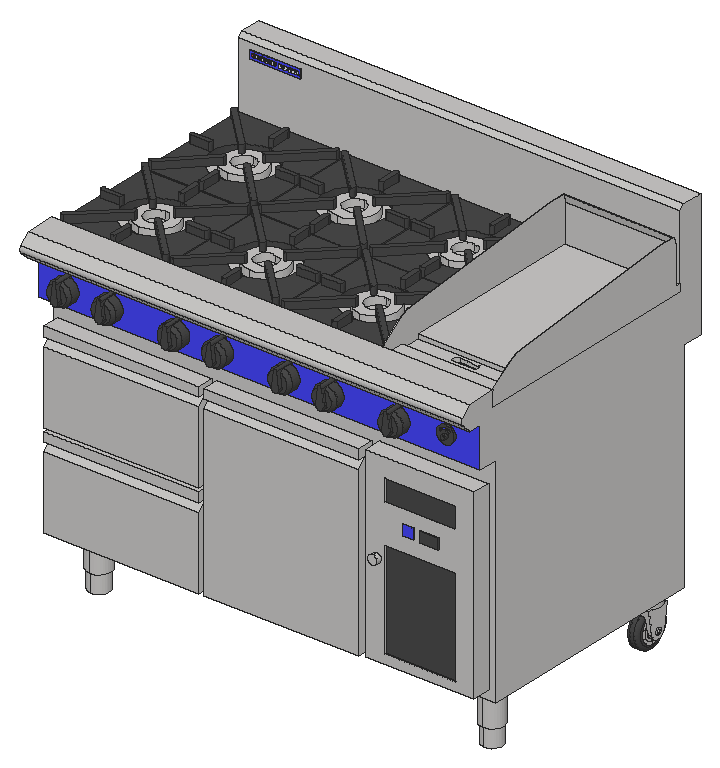
Revit family "QF_MOFFAT_BLUESEAL_AU_G518C-RB", category Specialty Equipment, Revit 2012 (continued)
Definition of nested family "GAS BURNER 900 & GRIDDLE 300"
  Definition of nested family "GAS BURNER 900"
    Automatic sketch dimensions
      curve 221 to curve 282 = 18.152 mm
      curve 294 to curve 276 = 20.563 mm
      curve 285 to curve 223 = 19.967 mm
      curve 278 to curve 292 = 18.13 mm
      curve 282 to curve 298 = 9.204 mm
      curve 276 to curve 293 = 9.138 mm
      curve 223 to curve 298 = 8.97 mm
      curve 292 to curve 293 = 8.937 mm
      curve 286 to curve 241 = 47.322 mm
      curve 288 to curve 265 = 45.809 mm
      plane 4 "RIGHT" to curve 267 = 14.153 mm
      plane 8 "Center X" to curve 235 = 3.602 mm
      plane 4 "RIGHT" to curve 235 = 14.153 mm
      plane 4 "RIGHT" to curve 245 = 14.153 mm
      curve 259 to plane 8 "Center X" = 8.602 mm
      curve 259 to curve 235 = 0.0 mm
      curve 268 to curve 267 = 4.525 mm
      curve 246 to curve 246 = 4.525 mm
      curve 235 to curve 238 = 4.525 mm
      curve 258 to curve 259 = 4.525 mm
      plane 4 "RIGHT" to curve 242 = 7.898 mm
      plane 4 "RIGHT" to curve 264 = 7.898 mm
      plane 4 "RIGHT" to curve 233 = 3.0 mm
      plane 4 "RIGHT" to curve 228 = 3.0 mm
      plane 4 "RIGHT" to curve 231 = 3.0 mm
      curve 230 to plane 8 "Center X" = 1.0 mm
      curve 230 to curve 231 = 0.0 mm
      plane 4 "RIGHT" to curve 229 = 0.0 mm
      plane 4 "RIGHT" to curve 231 = 0.0 mm
      curve 233 to curve 267 = 19.602 mm
      curve 76 to curve 133 = 19.602 mm
      curve 178 to plane 5 "FRONT" = 25.398 mm
      curve 131 to curve 138 = 9.316 mm
      curve 177 to curve 180 = 9.316 mm
      curve 271 to curve 295 = 9.316 mm
      curve 295 to curve 291 = 8.967 mm
      curve 294 to curve 289 = 4.003 mm
      curve 207 to curve 202 = 4.003 mm
      curve 277 to curve 274 = 6.575 mm
      curve 290 to curve 274 = 6.958 mm
      curve 139 to curve 142 = 27.0 mm
      curve 181 to curve 184 = 27.0 mm
      curve 277 to curve 280 = 27.0 mm
      curve 206 to curve 122 = 47.462 mm
      curve 204 to curve 146 = 47.453 mm
      curve 198 to curve 172 = 27.481 mm
      curve 293 to curve 263 = 47.462 mm
      curve 194 to curve 162 = 47.462 mm
      curve 291 to curve 281 = 47.453 mm
      curve 171 to curve 174 = 6.4 mm
      curve 263 to curve 263 = 6.4 mm
      curve 160 to curve 160 = 6.4 mm
      curve 146 to curve 146 = 6.4 mm
      curve 123 to curve 124 = 6.4 mm
      curve 281 to curve 281 = 6.4 mm
      curve 257 to curve 290 = 10.114 mm
      curve 275 to curve 256 = 6.316 mm
      curve 179 to curve 151 = 6.316 mm
      curve 137 to curve 111 = 6.316 mm
      curve 254 to plane 8 "Center X" = 11.398 mm
      curve 154 to plane 8 "Center X" = 11.398 mm
      curve 110 to plane 8 "Center X" = 11.398 mm
      curve 81 to curve 59 = 6.0 mm
      curve 231 to curve 230 = 6.0 mm
      curve 78 to curve 80 = 0.0 mm
      curve 68 to curve 90 = 1.602 mm
      plane 8 "Center X" to curve 108 = 6.398 mm
      plane 8 "Center X" to curve 53 = 6.398 mm
      plane 8 "Center X" to curve 249 = 6.398 mm
      curve 252 to curve 249 = 49.204 mm
      curve 51 to curve 214 = 9.316 mm
      curve 108 to curve 107 = 49.204 mm
      curve 250 to curve 223 = 9.316 mm
      curve 106 to curve 216 = 9.316 mm
      curve 223 to curve 285 = 29.082 mm
      curve 220 to curve 234 = 8.722 mm
      curve 284 to curve 234 = 8.754 mm
      curve 35 to curve 103 = 27.0 mm
      curve 29 to curve 34 = 27.0 mm
      curve 220 to curve 247 = 27.0 mm
      curve 187 to curve 6 = 29.278 mm
      curve 284 to curve 219 = 29.278 mm
      curve 24 to curve 219 = 0.0 mm
      curve 298 to curve 242 = 49.778 mm
      curve 7 to curve 44 = 0.0 mm
      curve 193 to curve 95 = 29.278 mm
      curve 24 to curve 24 = 6.4 mm
      curve 95 to curve 98 = 6.4 mm
      curve 239 to curve 242 = 6.4 mm
      curve 7 to curve 8 = 6.4 mm
      curve 45 to curve 44 = 6.4 mm
      curve 219 to curve 219 = 6.4 mm
      curve 218 to curve 284 = 8.601 mm
      curve 37 to curve 42 = 9.816 mm
      curve 222 to curve 226 = 9.816 mm
      curve 31 to curve 13 = 9.816 mm
      plane 1 "BACK" to curve 16 = 25.398 mm
      plane 1 "BACK" to curve 41 = 25.398 mm
      plane 1 "BACK" to Extrusion 1 sketch curve = 0.0 mm
      plane 5 "FRONT" to Extrusion 1 sketch curve = 0.0 mm
      plane 3 "LEFT" to Extrusion 1 sketch curve = 1.0 mm  (x2)
      plane 1 "BACK" to Extrusion 1 sketch curve = 3.0 mm  (x2)
      plane 8 "Center X" to Extrusion 1 sketch curve = 149.0 mm
      plane 8 "Center X" to Extrusion 1 sketch curve = 2.0 mm  (x2)
      Extrusion 1 sketch curve to plane 8 "Center X" = 1.0 mm
      Extrusion 1 sketch curve to Extrusion 1 sketch curve = 3.0 mm  (x3)
      Extrusion 1 sketch curve to plane 8 "Center X" = 151.0 mm
      Extrusion 1 sketch curve to plane 5 "FRONT" = 3.0 mm  (x2)
      plane 3 "LEFT" to Extrusion 1 sketch curve = 149.991 mm  (x2)
      Extrusion 1 sketch curve to plane 7 "Center Y" = 154.0 mm
      Extrusion 1 sketch curve to Extrusion 1 sketch curve = 0.0 mm
      Extrusion 2 sketch curve to Extrusion 1 = 22.602 mm  (x2)
      Extrusion 2 sketch curve to Extrusion 1 = 25.398 mm  (x2)
      Extrusion 2 sketch curve to Extrusion 2 sketch curve = 4.525 mm  (x16)
      Extrusion 2 sketch curve to Extrusion 2 sketch curve = 49.204 mm  (x5)
      Extrusion 2 sketch curve to Extrusion 2 sketch curve = 55.923 mm  (x5)
      Extrusion 2 sketch curve to Extrusion 2 sketch curve = 0.0 mm  (x5)
      Extrusion 2 sketch curve to Extrusion 2 sketch curve = 20.524 mm  (x8)
      Extrusion 2 sketch curve to Extrusion 2 sketch curve = 6.4 mm  (x8)
      Extrusion 2 sketch curve to Extrusion 2 sketch curve = 53.847 mm  (x8)
      Extrusion 2 sketch curve to Extrusion 1 = 56.602 mm
      Extrusion 2 sketch curve to Extrusion 1 = 5.102 mm  (x6)
      Extrusion 2 sketch curve to Extrusion 1 = 13.653 mm  (x2)
      Extrusion 2 sketch curve to Extrusion 1 = 7.398 mm  (x2)
      Extrusion 2 sketch curve to Extrusion 1 = 4.602 mm  (x2)
      Extrusion 2 sketch curve to Extrusion 1 = 7.898 mm  (x4)
      Extrusion 2 sketch curve to Extrusion 1 = 31.653 mm  (x2)
      Extrusion 2 sketch curve to Extrusion 1 = 57.102 mm
      Extrusion 2 sketch curve to Extrusion 1 = 14.153 mm
      Extrusion 3 sketch curve to Extrusion 3 sketch curve = 0.0 mm  (x24)
      plane 1 "BACK" to Extrusion 3 sketch curve = 109.5 mm
      Extrusion 3 sketch curve to Extrusion 3 sketch curve = 27.0 mm  (x2)
      Extrusion 3 sketch curve to Extrusion 3 sketch curve = 30.0 mm  (x2)
      Extrusion 3 sketch curve to plane 8 "Center X" = 92.0 mm
      plane 3 "LEFT" to Extrusion 3 sketch curve = 150.0 mm  (x2)
      plane 1 "BACK" to Extrusion 4 sketch curve = 0.0 mm
      plane 5 "FRONT" to Extrusion 4 sketch curve = 0.0 mm
      plane 1 "BACK" to Extrusion 4 sketch curve = 3.0 mm  (x2)
      plane 7 "Center Y" to Extrusion 4 sketch curve = 0.009 mm  (x2)
      plane 8 "Center X" to Extrusion 4 sketch curve = 149.0 mm
      plane 8 "Center X" to Extrusion 4 sketch curve = 2.0 mm  (x2)
      Extrusion 4 sketch curve to plane 8 "Center X" = 1.0 mm
      Extrusion 4 sketch curve to Extrusion 4 sketch curve = 3.0 mm  (x3)
      Extrusion 4 sketch curve to plane 8 "Center X" = 151.0 mm
      Extrusion 4 sketch curve to plane 5 "FRONT" = 3.0 mm  (x2)
      Extrusion 4 sketch curve to plane 7 "Center Y" = 146.0 mm  (x2)
      plane 7 "Center Y" to Extrusion 4 sketch curve = 146.0 mm  (x2)
      Extrusion 5 sketch curve to Extrusion 4 = 22.602 mm  (x2)
      Extrusion 5 sketch curve to Extrusion 4 = 25.398 mm  (x2)
      Extrusion 5 sketch curve to Extrusion 5 sketch curve = 4.525 mm  (x16)
      Extrusion 5 sketch curve to Extrusion 5 sketch curve = 49.204 mm  (x4)
      Extrusion 5 sketch curve to Extrusion 5 sketch curve = 55.923 mm  (x5)
      Extrusion 5 sketch curve to Extrusion 5 sketch curve = 0.0 mm  (x6)
      Extrusion 5 sketch curve to Extrusion 5 sketch curve = 20.524 mm  (x7)
      Extrusion 5 sketch curve to Extrusion 5 sketch curve = 6.4 mm  (x8)
      Extrusion 5 sketch curve to Extrusion 5 sketch curve = 53.847 mm  (x8)
      Extrusion 5 sketch curve to Extrusion 4 = 56.602 mm
      Extrusion 5 sketch curve to Extrusion 4 = 5.102 mm  (x6)
      Extrusion 5 sketch curve to Extrusion 4 = 13.653 mm  (x2)
      Extrusion 5 sketch curve to Extrusion 4 = 7.398 mm  (x2)
      Extrusion 5 sketch curve to Extrusion 4 = 4.602 mm  (x2)
      Extrusion 5 sketch curve to Extrusion 4 = 7.898 mm  (x4)
      Extrusion 5 sketch curve to Extrusion 4 = 31.653 mm  (x2)
      Extrusion 5 sketch curve to Extrusion 4 = 57.102 mm  (x2)
      Extrusion 5 sketch curve to Extrusion 4 = 14.153 mm
      Extrusion 6 sketch curve to Extrusion 6 sketch curve = 0.0 mm  (x24)
      Extrusion 6 sketch curve to plane 7 "Center Y" = 0.0 mm  (x2)
      plane 1 "BACK" to Extrusion 6 sketch curve = 109.5 mm
      Extrusion 6 sketch curve to Extrusion 6 sketch curve = 27.0 mm  (x2)
      Extrusion 6 sketch curve to Extrusion 6 sketch curve = 30.0 mm  (x2)
      Extrusion 6 sketch curve to plane 8 "Center X" = 92.0 mm
      Extrusion 7 sketch curve to Extrusion 1 = 22.602 mm  (x2)
      Extrusion 7 sketch curve to Extrusion 1 = 25.398 mm  (x2)
      Extrusion 7 sketch curve to Extrusion 7 sketch curve = 4.525 mm  (x16)
      Extrusion 7 sketch curve to Extrusion 7 sketch curve = 49.204 mm  (x6)
      Extrusion 7 sketch curve to Extrusion 7 sketch curve = 55.923 mm  (x7)
      Extrusion 7 sketch curve to Extrusion 7 sketch curve = 0.0 mm  (x7)
      Extrusion 7 sketch curve to Extrusion 7 sketch curve = 20.524 mm  (x7)
      Extrusion 7 sketch curve to Extrusion 7 sketch curve = 6.4 mm  (x8)
      Extrusion 7 sketch curve to Extrusion 7 sketch curve = 53.847 mm  (x8)
      Extrusion 7 sketch curve to Extrusion 1 = 56.602 mm
      Extrusion 7 sketch curve to Extrusion 1 = 13.653 mm  (x2)
      Extrusion 7 sketch curve to Extrusion 1 = 7.398 mm  (x2)
      Extrusion 7 sketch curve to Extrusion 1 = 4.602 mm  (x2)
      Extrusion 7 sketch curve to Extrusion 1 = 31.653 mm  (x2)
      Extrusion 1 to Extrusion 7 sketch curve = 308.102 mm
      Extrusion 7 sketch curve to Extrusion 7 sketch curve = 9.051 mm  (x2)
      Extrusion 7 sketch curve to Extrusion 7 sketch curve = 2.796 mm  (x2)
      Extrusion 7 sketch curve to Extrusion 7 sketch curve = 128.447 mm  (x3)
      Extrusion 8 sketch curve to Extrusion 8 sketch curve = 0.0 mm  (x24)
      plane 1 "BACK" to Extrusion 8 sketch curve = 109.5 mm
      Extrusion 8 sketch curve to Extrusion 8 sketch curve = 27.0 mm  (x2)
      Extrusion 8 sketch curve to Extrusion 8 sketch curve = 30.0 mm  (x2)
      Extrusion 8 sketch curve to plane 8 "Center X" = 92.0 mm
      plane 4 "RIGHT" to Extrusion 8 sketch curve = 149.0 mm  (x2)
      plane 1 "BACK" to Extrusion 9 sketch curve = 0.0 mm
      plane 5 "FRONT" to Extrusion 9 sketch curve = 0.0 mm
      plane 4 "RIGHT" to Extrusion 9 sketch curve = 0.0 mm  (x2)
      plane 1 "BACK" to Extrusion 9 sketch curve = 3.0 mm  (x2)
      plane 8 "Center X" to Extrusion 9 sketch curve = 149.0 mm
      plane 8 "Center X" to Extrusion 9 sketch curve = 2.0 mm  (x2)
      Extrusion 9 sketch curve to plane 8 "Center X" = 1.0 mm
      Extrusion 9 sketch curve to Extrusion 9 sketch curve = 3.0 mm  (x3)
      Extrusion 9 sketch curve to plane 8 "Center X" = 151.0 mm
      Extrusion 9 sketch curve to plane 5 "FRONT" = 3.0 mm  (x2)
      plane 4 "RIGHT" to Extrusion 9 sketch curve = 148.991 mm  (x2)
      plane 7 "Center Y" to Extrusion 9 sketch curve = 155.0 mm  (x2)
      Extrusion 10 sketch curve to Extrusion 10 sketch curve = 0.0 mm  (x24)
      plane 1 "BACK" to Extrusion 10 sketch curve = 109.5 mm
      Extrusion 10 sketch curve to Extrusion 10 sketch curve = 27.0 mm  (x2)
      Extrusion 10 sketch curve to Extrusion 10 sketch curve = 30.0 mm  (x2)
      Extrusion 10 sketch curve to plane 8 "Center X" = 92.0 mm
      plane 4 "RIGHT" to Extrusion 10 sketch curve = 149.0 mm  (x2)
      curve 299 to plane 5 "FRONT" = 22.602 mm
      curve 54 to curve 52 = 49.204 mm
      curve 84 to curve 303 = 3.0 mm
      curve 302 to curve 303 = 3.0 mm
      curve 309 to curve 309 = 3.0 mm
      curve 162 to curve 310 = 18.796 mm
      curve 313 to plane 8 "Center X" = 17.653 mm
      curve 314 to plane 8 "Center X" = 8.602 mm
      plane 8 "Center X" to curve 316 = 3.602 mm
      curve 28 to curve 317 = 13.205 mm
      curve 319 to curve 308 = 0.0 mm
      curve 60 to curve 320 = 3.0 mm
      curve 62 to curve 321 = 0.0 mm
      plane 1 "BACK" to curve 322 = 0.0 mm
      curve 23 to curve 323 = 18.796 mm
      plane 1 "BACK" to curve 327 = 22.602 mm
      radius of Extrusion 1 sketch curve = 84.082 mm  (x2)
      radius of Extrusion 4 sketch curve = 84.082 mm  (x2)
      radius of Extrusion 9 sketch curve = 84.082 mm  (x2)
  Definition of nested family "GAS GRIDDLE PLATE 600"
    Parameters (values of type "GAS GRIDDLE PLATE 600")
      Width [instance] = 300.0 mm
      Weight in Pounds = 0
      URL Cutsheet = ""
      Type Mark [instance] = ""
      Status [instance] = ""
      Specification by User [instance] = ""
      Specification by Manufacturer = ""
      Serial Number = ""
      Seismic Rating = ""
      SMACNA No = ""
      Revision Code [instance] = ""
      Omniclass Number and Title = ""
      NAFEM Spec ID Number = ""
      Masterspec = ""
      Item Number [instance] = ""
      Installed By [instance] = ""
      Identify Quantity as Lot [instance] = yes
      Furnished By [instance] = ""
      Foodservice Equipment Identifier [instance] = yes
      Depth [instance] = 620.0 mm
      CSI MasterFormat = ""
      CSI Master Format = ""
    Reference planes
      plane 1 "BACK": y = 0
      plane 2: z = 0
      plane 3 "LEFT": x = 0
      plane 4 "RIGHT": x = 300
      plane 5 "FRONT": y = -620
      plane 6 "TOP": z = 142.5
      plane 7 "Center Y": x = 150
      plane 8 "Center X": y = -310
      plane 9: y = -530.997
      plane 10: y = -541.497
      plane 11: y = -503.25
      plane 12: y = -557.737
    Forms (mm)
      Extrusion 1, solid, material "QF_Finishes_Stainless Steel"
        sketch origin (0, 70.003, -874.5) x (0, 1, 0) y (0, 0, 1)
          loop
            line (-70, 875) -> (-70, 997.489) -> (-75.228, 1017) -> (-117.24, 1017) -> (-589.533, 971.523)
            arc (-589.533, 971.523) -> (-614.56, 965.803) -> (-637.306, 953.899) r 100
            line (-637.306, 953.899) -> (-690.003, 917) -> (-690.003, 875) -> (-70, 875)
        from 0 to 1.8
      Extrusion 2, solid, material "QF_Finishes_Stainless Steel"
        sketch origin (600, 70.003, -874.5) x (0, -1, 0) y (0, 0, 1)
          loop
            line (70, 875) -> (690.003, 875) -> (690.003, 917) -> (637.306, 953.899)
            arc (637.306, 953.899) -> (614.56, 965.803) -> (589.533, 971.523) r 100
            line (589.533, 971.523) -> (117.24, 1017) -> (75.228, 1017) -> (70, 997.489) -> (70, 875)
        from 300 to 301.2
      Extrusion 3, solid, material "QF_Finishes_Stainless Steel"
        sketch origin (150, 70.003, -874.5) x (0, 1, 0) y (0, 0, 1)
          loop
            line (-55, 895) -> (-573.253, 895) -> (-573.253, 884.5) -> (-627.74, 884.5) -> (-627.74, 895) -> (-690.003, 895) -> (-690.003, 875) -> (-55, 875) -> (-55, 895)
        from -148.2 to 150
      Extrusion 4, void
        sketch origin (150, -541.497, 10) x (0, -1, 0) y (1, 0, 0)
          loop
            arc (-7.497, 25.113) -> (-17.497, 35.113) -> (-27.497, 25.113) r 10
            line (-27.497, 25.113) -> (-27.497, -24.887)
            arc (-27.497, -24.887) -> (-17.497, -34.887) -> (-7.497, -24.887) r 10
            line (-7.497, -24.887) -> (-7.497, 25.113)
        from -41.4 to 40.142
      Extrusion 5, solid, material "QF_Finishes_Stainless Steel"
        sketch origin (0, 70.003, -874.5) x (0, 1, 0) y (0, 0, 1)
          loop
            line (-70, 875) -> (-70, 997.489) -> (-75.228, 1017) -> (-76.884, 1017) -> (-71.6, 997.278) -> (-71.6, 875) -> (-70, 875)
        from 0 to 298.8
    Cuts and joins
      Extrusion 4 cuts Extrusion 3
      joined: Extrusion 1, Extrusion 2, Extrusion 3, Extrusion 5
    Lines and regions (mm)
      symbolic lines
        curve 1: line (300, -503.25, 0) -> (0, -503.25, 0)
        curve 2: line (0, -557.737, 0) -> (300, -557.737, 0)
        curve 3: line (0, -1.68, 0) -> (300, -1.68, 0)
        curve 4: line (300, -1.68, 0) -> (300, -620, 0)
        curve 5: line (0, -620, 0) -> (0, -1.68, 0)
        curve 6: line (0, -620, 0) -> (300, -620, 0)
        curve 7: arc (175.113, -534, 0) -> (185.113, -524, 0) -> (175.113, -514, 0) r 10
        curve 8: line (175.113, -514, 0) -> (125.113, -514, 0)
        curve 9: arc (125.113, -514, 0) -> (115.113, -524, 0) -> (125.113, -534, 0) r 10
        curve 10: line (125.113, -534, 0) -> (175.113, -534, 0)
    Dimensions and locks
      equal spacing: plane 3 "LEFT", plane 7 "Center Y", plane 4 "RIGHT"
      "Width": plane 3 "LEFT" to plane 4 "RIGHT"
      equal spacing: plane 5 "FRONT", plane 8 "Center X", plane 1 "BACK"
      "Depth": plane 5 "FRONT" to plane 1 "BACK"
      locked: Extrusion 2 to Extrusion 2 at 1.2
      aligned and locked: level to plane 2
      aligned and locked: Extrusion 2 to plane 4 "RIGHT"
      aligned and locked: curve 1 to plane 11
      aligned and locked: plane 12 to curve 2
      aligned and locked: Extrusion 5 to cut or joined group of Extrusion 1, Extrusion 2, Extrusion 3, Extrusion 4, Extrusion 5
      aligned and locked: cut or joined group of Extrusion 1, Extrusion 2, Extrusion 3, Extrusion 4, Extrusion 5 to plane 4 "RIGHT"
    Automatic sketch dimensions
      Extrusion 1 sketch curve to plane 5 "FRONT" = 0.0 mm
      Extrusion 1 sketch curve to plane 6 "TOP" = 0.0 mm
      plane 12 to Extrusion 1 sketch curve = 9.566 mm
      plane 11 to Extrusion 1 sketch curve = 16.28 mm
      Extrusion 1 sketch curve to level = 2.516 mm
      plane 11 to Extrusion 1 sketch curve = 6.695 mm
      plane 1 "BACK" to Extrusion 1 sketch curve = 47.237 mm
      plane 1 "BACK" to Extrusion 1 sketch curve = 5.225 mm
      Extrusion 1 sketch curve to plane 1 "BACK" = 0.003 mm
      level to Extrusion 1 sketch curve = 0.5 mm
      Extrusion 1 sketch curve to Extrusion 1 sketch curve = 42.0 mm
      Extrusion 1 sketch curve to plane 6 "TOP" = 63.101 mm
      Extrusion 1 sketch curve to plane 6 "TOP" = 19.511 mm
      Extrusion 2 sketch curve to plane 6 "TOP" = 0.0 mm
      Extrusion 2 sketch curve to plane 5 "FRONT" = 0.0 mm
      plane 12 to Extrusion 2 sketch curve = 9.566 mm
      plane 11 to Extrusion 2 sketch curve = 16.28 mm
      Extrusion 2 sketch curve to level = 2.516 mm
      plane 11 to Extrusion 2 sketch curve = 6.695 mm
      plane 1 "BACK" to Extrusion 2 sketch curve = 47.237 mm
      plane 1 "BACK" to Extrusion 2 sketch curve = 5.225 mm
      Extrusion 2 sketch curve to plane 1 "BACK" = 0.003 mm
      level to Extrusion 2 sketch curve = 0.5 mm
      Extrusion 2 sketch curve to Extrusion 2 sketch curve = 42.0 mm
      Extrusion 2 sketch curve to plane 6 "TOP" = 63.101 mm
      Extrusion 2 sketch curve to plane 6 "TOP" = 19.511 mm
      Extrusion 3 sketch curve to plane 5 "FRONT" = 0.0 mm
      Extrusion 3 sketch curve to plane 12 = 0.0 mm
      Extrusion 3 sketch curve to plane 11 = 0.0 mm
      Extrusion 3 sketch curve to plane 1 "BACK" = 15.003 mm
      level to Extrusion 3 sketch curve = 0.5 mm
      level to Extrusion 3 sketch curve = 10.0 mm
      Extrusion 3 sketch curve to Extrusion 3 sketch curve = 10.5 mm  (x2)
      plane 1 "BACK" to Extrusion 5 sketch curve = 5.225 mm
      Extrusion 5 sketch curve to plane 1 "BACK" = 0.003 mm
      Extrusion 5 sketch curve to plane 6 "TOP" = 19.511 mm
      Extrusion 5 sketch curve to Extrusion 5 sketch curve = 1.6 mm
      Extrusion 5 sketch curve to Extrusion 5 sketch curve = 0.211 mm
      Extrusion 5 sketch curve to plane 6 "TOP" = 0.0 mm
      Extrusion 5 sketch curve to Extrusion 5 sketch curve = 1.656 mm
      level to Extrusion 5 sketch curve = 0.5 mm
      plane 11 to Extrusion 4 sketch curve = 10.75 mm
      Extrusion 4 sketch curve to Extrusion 4 sketch curve = 10.0 mm
      plane 3 "LEFT" to Extrusion 4 sketch curve = 125.113 mm
      Extrusion 4 sketch curve to Extrusion 4 sketch curve = 50.0 mm
      curve 6 to plane 3 "LEFT" = 0.0 mm
      curve 3 to plane 4 "RIGHT" = 0.0 mm
      plane 5 "FRONT" to curve 6 = 0.0 mm
      plane 11 to curve 8 = 10.75 mm
      plane 3 "LEFT" to curve 8 = 125.113 mm
      curve 10 to plane 12 = 23.737 mm
      curve 9 to curve 10 = 50.0 mm
      plane 1 "BACK" to curve 3 = 1.68 mm
